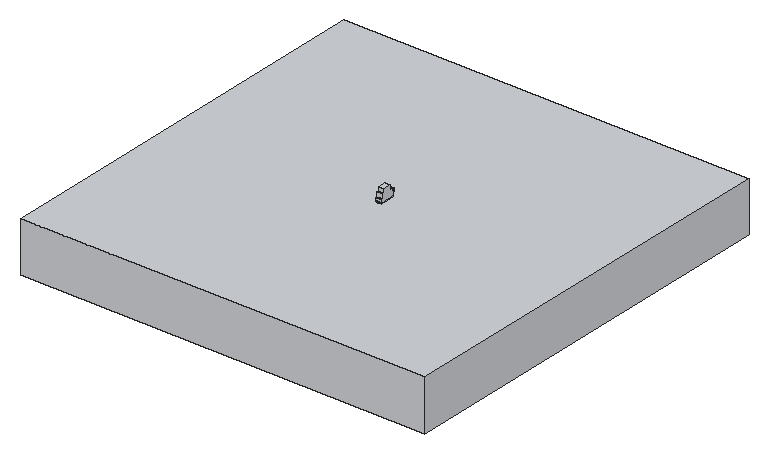
Revit family "Gira_207000", category Elektroinstallationen, Revit 2017
Family settings
  Basisbauteil = Fläche
  Beschriftungsausrichtung beibehalten = Nein
  Bemaßung runder Anschluss = Durchmesser verwenden
  Teiletyp = Normal
  Beim Laden mit Abzugskörper schneiden = Nein
  Gemeinsam genutzt = Nein
  Raumberechnungspunkt = Nein
Parameters
  Default Elevation = 1219.2 mm
  URL = "https://www.gira.de/"
  Typname = "Gira L1 KNX REG"
  Produktseite = "http://katalog.gira.de/de_DE/datenblatt.html?artikelnr=207000"
  Montageart = "REG"
  Mit Busankopplung = no
  Logischer Baustein = yes
  Hersteller = "Gira"
  HAN = "207000"
  GTIN = "4010337016717"
  Datenblatt = "https://katalog.gira.de/de_DE/download.html?artikelnr=207000"
  Bussystem Powernet = no
  Bussystem LON = no
  Bussystem KNX-Funk = no
  Bussystem KNX = yes
  Bussystem Funkbus = no
  Beschreibung = "Gira L1  REG Merkmale: - Logikfunktionen:   Funktionsvielfalt durch Bausteinbibliothek mit 36 Logikbausteinen (z. B. Mathematische Grundfunktionen, sonnenstandsgeführte Rollladen- und Jalousie-Steuerung, Temperatur-Regelung, Trennwandsteuerung, Treppenhauslicht, Zufallsgenerator). - Konfigurierbare Logikbausteine (z. B. frei wählbare Anzahl der Eingänge). - Einfache Parametrierung von Zeitschaltuhren und Szenen:   bis zu 20 Zeitschaltuhren mit jeweils 10 Schaltzeiten.   bis zu 20 Szenen-Sets mit jeweils 64 Szenen. - Bis zu 480 Datenpunkte in einem Projekt verwendbar   (300 KNX Gruppenadressdatenpunkte, 180 frei verfügbare Gerätedatenpunkte). - Interkomfunktion um Werte z. B. zwischen einem weiteren L1 oder einem X1 über Ethernet auszutauschen. - Optimierte Inbetriebnahme:   schnelle Projektänderung oder -aktualisierung im laufenden Betrieb ohne Geräteneustart möglich. - Zwei Buchsen RJ45 mit Switch-Funktionalität unterstützen das einfache Durchschleifen des Patchkabels. - Hohe Sicherheit:   Die verschlüsselte TLS-Datenübertragung zwischen GPA und Gira L1 verhindert das Mitlesen durch Dritte.   Das Geräte-Passwort schützt den Gira L1 vor Fremdzugriff. - Projektsicherung: Speichern einer Projektkopie auf dem Gira L1. - Inbetriebnahme:   Physikalische Adresse und Applikation werden mit der KNX Inbetriebnahme-Software ETS ab der Version 4.1.8 parametriert.   Die weitere Projektierung erfolgt über den Gira Projekt Assistenten (GPA). Der Gira Projekt Assistent ist kostenlos im Gira Downloadbereich verfügbar. - Funktionale Erweiterungen bzw. Aktualisierungen über Firmware- und Software-Updates. - Hardware für KNX Secure vorbereitet. Zukünftiges Firmware-Update erforderlich.  Hinweise : - Versorgung über externe DC 24 V."
  BIM = "https://media.stage.bim.site/public/gira/876eb45/Gira%20X1%20REG%20KNX.rfa?public/gira/876eb45/Gira X1 REG KNX.rfa"
  Andere Bussysteme = "ohne"
Reference planes
  plane 1 "Center (Front/Back)": y = 0
  plane 2: z = 0
  plane 3 "Center (Left/Right)": x = 0
Forms (mm)
  Extrusion 1, solid
    sketch origin (0, 0, 0) x (1, 0, 0) y (0, 1, 0)
      loop
        line (-1219.2, 1219.2) -> (-1219.2, -1219.2) -> (1219.2, -1219.2) -> (1219.2, 1219.2) -> (-1219.2, 1219.2)
    from 0 to -304.8
  Extrusion 2, solid, detail levels fine
    sketch origin (0, -0.2, 0) x (0, 1, 0) y (0, 0, 1)
      loop
        line (22.65, 43.82) -> (22.65, 68.77) -> (-22.25, 68.77) -> (-22.25, 43.82) -> (-30.4, 43.82) -> (-30.4, 19.42) -> (-44.8, 19.42) -> (-44.8, 1.97) -> (45.192, 1.97) -> (45.192, 28.47) -> (32.925, 28.47) -> (32.831, 39.259) -> (31.225, 41.242) -> (31.225, 43.82) -> (22.65, 43.82)
    from -17.95 to 17.95
  Extrusion 3, solid, detail levels fine
    sketch origin (0, -0.2, 0) x (0, 1, 0) y (0, 0, 1)
      loop
        line (45.192, 43.82) -> (31.225, 43.82) -> (31.225, 41.242) -> (32.831, 39.259) -> (32.925, 28.47) -> (45.192, 28.47) -> (45.192, 43.82)
    from -17.95 to -15.8
  Extrusion 4, solid, detail levels fine
    sketch origin (0, -0.2, 0) x (0, 1, 0) y (0, 0, -1)
      loop
        line (45.192, -43.82) -> (45.192, -28.47) -> (32.925, -28.47) -> (32.831, -39.259) -> (31.225, -41.242) -> (31.225, -43.82) -> (45.192, -43.82)
    from -17.95 to -15.8
  Extrusion 5, solid, detail levels fine
    sketch origin (0, -0.2, 0) x (0, 1, 0) y (0, 0, 1)
      loop
        line (31.5, 42.848) -> (31.5, 40.412)
        arc (31.5, 40.412) -> (38.359, 39.512) -> (45.192, 38.435) r 267
        line (45.192, 38.435) -> (45.192, 14.255)
        arc (45.192, 14.255) -> (50.205, 15.189) -> (55.2, 16.219) r 264.9
        line (55.2, 16.219) -> (55.2, 38.933)
        arc (55.2, 38.933) -> (43.394, 41.159) -> (31.5, 42.848) r 265
    from -15.506 to 15.5
  Extrusion 6, solid, detail levels fine
    sketch origin (0, -0.2, 0) x (0, 1, 0) y (0, 0, 1)
      loop
        line (45.2, 1.5) -> (17.774, 1.5) -> (17.905, -6.017)
        arc (17.905, -6.017) -> (20.285, -6.454) -> (22.7, -6.6) r 20
        arc (22.7, -6.6) -> (33.985, -5.009) -> (45.128, -2.618) r 160
        line (45.128, -2.618) -> (45.2, 1.5)
    from -17.95 to 18
  Extrusion 7, solid, detail levels fine
    sketch origin (0, -0.2, 0) x (0, 1, 0) y (0, 0, 1)
      loop
        line (17.905, -6.017) -> (17.824, -1.4) -> (16.8, -1.4) -> (14.749, -4.952)
        arc (14.749, -4.952) -> (16.305, -5.55) -> (17.905, -6.017) r 20
    from -17.95 to -13
  Extrusion 8, solid, detail levels fine
    sketch origin (0, -0.2, 0) x (0, 1, 0) y (0, 0, -1)
      loop
        arc (17.905, 6.017) -> (16.305, 5.55) -> (14.749, 4.952) r 20
        line (14.749, 4.952) -> (16.8, 1.4) -> (17.824, 1.4) -> (17.905, 6.017)
    from -17.95 to -13
  Extrusion 9, solid, detail levels fine
    sketch origin (0, -0.2, 0) x (0, 1, 0) y (0, 0, 1)
      loop
        line (17.8, 0) -> (17.774, 1.5) -> (-44.8, 1.5) -> (-44.774, 0) -> (17.8, 0)
    from -17.95 to 17.95
  Extrusion 10, solid, detail levels fine
    sketch origin (0, 0, 0) x (0, 1, 0) y (0, 0, 1)
      loop
        line (-48.916, -3.317) -> (-44.906, -3.881) -> (-44.974, 0) -> (-48.916, 0) -> (-48.916, -3.317)
    from -4.803 to 4.797
  Extrusion 11, solid, detail levels fine
    sketch origin (0, 0, 0) x (0, 1, 0) y (0, 0, 1)
      loop
        arc (-22.5, -6.6) -> (-20.811, -6.529) -> (-19.134, -6.315) r 20
        line (-19.134, -6.315) -> (-18.029, -3.279) -> (-18, 0) -> (-44.974, 0) -> (-44.928, -2.618)
        arc (-44.928, -2.618) -> (-33.785, -5.009) -> (-22.5, -6.6) r 160
    from -17.95 to -10.5
  Extrusion 12, solid, detail levels fine
    sketch origin (0, 0, 0) x (0, 1, 0) y (0, 0, -1)
      loop
        arc (-22.5, 6.6) -> (-33.785, 5.009) -> (-44.928, 2.618) r 160
        line (-44.928, 2.618) -> (-44.974, 0) -> (-18, 0) -> (-18.029, 3.279) -> (-19.134, 6.315)
        arc (-19.134, 6.315) -> (-20.811, 6.529) -> (-22.5, 6.6) r 20
    from -17.95 to -10.5
  Extrusion 13, solid, detail levels fine
    sketch origin (0, 0, 0) x (0, 1, 0) y (0, 0, 1)
      loop
        line (-30.708, -6.6) -> (-30.65, 0) -> (-44.974, 0) -> (-44.859, -6.6) -> (-30.708, -6.6)
    from -10.5 to 10.5
  Extrusion 14, solid, detail levels fine
    sketch origin (0, 0, 0) x (1, 0, 0) y (0, 1, 0)
      loop
        circle (-0.003, -20.023) r 1
    from -7.682 to 0
  Extrusion 15, solid, detail levels fine
    sketch origin (0, 0, 0) x (0, 1, 0) y (0, 0, 1)
      loop
        line (-17.523, -0.8) -> (-17.523, 0) -> (-30.65, 0) -> (-30.684, -3.9) -> (-27.106, -3.9) -> (-27.106, -5.6) -> (-19.623, -6.6) -> (-18.03, -6.6) -> (-15.023, -2.682) -> (-15.023, -1.517) -> (-17.523, -0.8)
    from -4.503 to 4.5
  Extrusion 16, solid, detail levels fine
    sketch origin (0, 0, 0) x (1, 0, 0) y (0, 1, 0)
      loop
        line (16.859, 43.848) -> (-16.859, 43.848) -> (-16.859, -43.859) -> (16.859, -43.859) -> (16.859, 43.848)
    from 1.5 to 4
  Extrusion 17, solid, detail levels medium
    sketch origin (0, 0, 0) x (0, 1, 0) y (0, 0, 1)
      loop
        line (22.45, 68.77) -> (-22.45, 68.77) -> (-22.45, 43.82) -> (-30.6, 43.82) -> (-30.6, 19.42) -> (-45, 19.42) -> (-45, 0) -> (-48.916, 0) -> (-48.916, -6.6) -> (-15.023, -6.6) -> (-15.023, 0) -> (14.549, 0) -> (14.549, -6.6) -> (44.992, -6.6) -> (44.992, 14.255)
        arc (44.992, 14.255) -> (50.005, 15.189) -> (55, 16.219) r 264.9
        line (55, 16.219) -> (55, 38.933)
        arc (55, 38.933) -> (50.005, 39.943) -> (44.992, 40.856) r 265
        line (44.992, 40.856) -> (44.992, 43.82) -> (22.45, 43.82) -> (22.45, 68.77)
    from -17.95 to 17.95
  Extrusion 18, solid, detail levels coarse
    sketch origin (0, 0, 0) x (1, 0, 0) y (0, 1, 0)
      loop
        line (-17.95, 55) -> (-17.95, -48.916) -> (17.95, -48.916) -> (17.95, 55) -> (-17.95, 55)
    from -7.682 to 68.77
Dimensions and locks
  aligned and locked: plane 2 to Extrusion 1
  aligned and locked: level to Extrusion 1
Connectors
  electrical at (0, -13.687, 0)
    settings: on Extrusion 9, index 1, voltage 24 V, apparent load 0 VA, apparent load phase1 0 VA, apparent load phase2 0 VA, apparent load phase3 0 VA, power factor 1, load classification "Other", number of poles 1, system type 30, power factor state 1, is connector primary yes, connector utility no, sub classification motor no, connector description ""
